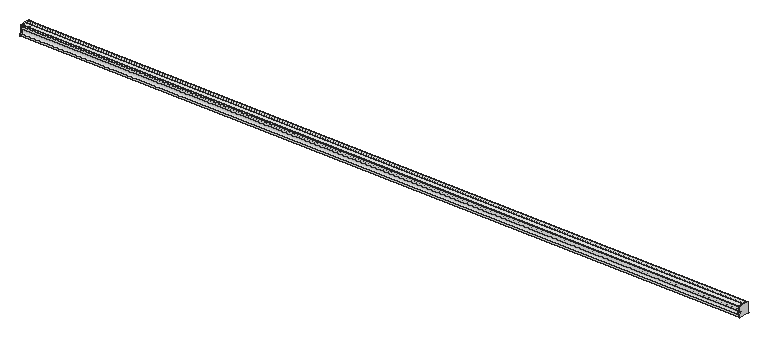
Revit family "S1617 updated", category Lighting Fixtures, host Face, Revit 2020
Family settings
  Host = Face
  Round Connector Dimension = Use Diameter
  Part Type = Normal
  Cut with Voids When Loaded = No
  Light Source = No
  Shared = Yes
  Room Calculation Point = No
Parameters (values of type "419 lm per FT 4.4 W per FT - DFD3")
  Wattage Comments = "4.4W/FT"
  Warranty URL = "https://bllighting.com/terms-and-conditions/"
  W = 0.6700"
  Voltage = 24 V
  Version = "2020-v2.9"  # constant formula
  URL = "https://bllighting.com/"
  Support Phone = ""
  Support Email = ""
  Rdwn [instance] = rounddown(L1 / Increment)  # 24
  Profile Material = Alumnium Base Track
  Product Page URL = "https://bllighting.com/products/profile/s1617"
  Product Name = Model  # "DFD3"
  Product Documentation Link = "https://bllighting.com/wp-content/uploads/S1617-Specification.pdf"
  Power Source Type = "Driver"  # constant formula
  Power Factor = 1
  Phase = 1
  Operating Temperature = "Consult Manufacturer Website for more Information"  # constant formula
  Number of Poles = if(and(or(Voltage = 120 V, Voltage = 277 V), Phase = 1), 1, if(and(or(Voltage = 208 V, Voltage = 240 V), Phase = 1), 2, if(and(or(Voltage = 208 V, Voltage = 240 V), Phase = 3), 3, if(and(Voltage > 300 V, Phase = 1), 2, if(and(Voltage > 400 V, Phase = 3), 3, 1)))))  # 1
  Number of LED's = "146 Diodes/FT"
  No Of Source [instance] = rounddown(Actual Light Length / Increment)  # 24
  Mounting Method = "Surface Mount"  # constant formula
  Model = "DFD3"
  Max Input Current = "4A"
  Manufacturer Phone Number = "1-604-874-4405"  # constant formula
  Manufacturer Email = "info@bllighting.com"
  Manufacturer Address = "111 - 8838 Heatner St. Vancouver. BC, Canada. V6P 3S8"  # constant formula
  Manufacturer = "BL Lighting"  # constant formula
  Lumen Output = "421 lm/FT"
  Load Classification = Lighting
  Light Length [instance] = 48.0000"
  Lens Material = Polycarbonate Optic
  Lead 2 End Cap [instance] = 1 = 1  # yes
  Lead 1 End Cap [instance] = 1 = 1  # yes
  Lamp Life = "50,000 Hours"
  Lamp = ""
  LED strip = Strip
  LED finish = LED
  LED Tape Page URL = "https://bllighting.com/products/led-tape/dfd3"
  LED Tape Documentation link = "https://bllighting.com/wp-content/uploads/DFD3-Specification.pdf"
  L1 [instance] = if(Light Length < Increment, Increment, Light Length)  # 48.0000"
  Input Voltage = "24VDC"
  Initial Intensity Comments = "Refer LED Strip type for Lumen Value"  # constant formula
  Initial Color Comments = "Perfomance based on 3000K Photometric Web File"
  Increment = 1.9685"
  Housing Protection Rating = "Consult Manufacturer Website for more Information"  # constant formula
  Has Dimming = 1 = 1  # yes
  Has Battery Backup = 0 = 1  # no
  Frequency Comments = ""
  Frequency = 60 Hz
  Environment = "Indoor"  # constant formula
  Description = "Flexible, Linear LED Lighting"  # constant formula
  Default Elevation = 48.0000"
  DFRGBW 2 Watt [instance] = (4.57 W * Actual Light Length) / 12.0000"  # 17.9921 W
  DFRGBW 2 Lumens [instance] = 45 lm/W * DFRGBW 2 Watt  # 809.644 lm
  DFRGBW 2 = no
  DFD3 Watt [instance] = (4.4 W * Actual Light Length) / 12.0000"  # 17.3228 W
  DFD3 Lumens [instance] = 101 lm/W * DFD3 Watt  # 1749.6 lm
  DFD3 = yes
  DFD2 Watt [instance] = (2.44 W * Actual Light Length) / 12.0000"  # 9.60628 W
  DFD2 Lumens [instance] = 100 lm/W * DFD2 Watt  # 960.628 lm
  DFD2 = no
  DFD1 Watt [instance] = (1.22 W * Actual Light Length) / 12.0000"  # 4.80314 W
  DFD1 Lumens [instance] = 86 lm/W * DFD1 Watt  # 413.07 lm
  DFD1 = no
  Current Amps = 50 A
  Copyright = "©BL INNOVATIVE LIGHTING"  # constant formula
  Color Option Available = "2400K,2700K,3000K,3500K,4000K"
  built-in parameter 1114216 [instance] = 0  # (empty or 0)
  built-in parameter 1140040 [instance] = 1 = 1  # 1
  CCT = "2400K,2700K,3000K,3500K,4000K"
  Apparent Load = 96 VA
  Actual Light Length [instance] = Rdwn * Increment  # 47.2440"
Reference planes (in)
  plane 1 "Center (Front/Back)": y = 0
  plane 2: z = 0
  plane 3 "Center (Left/Right)": x = 0
  plane 4: x = 47.244
  plane 5: x = 1.9685
  plane 6: x = 23.622
  plane 7: x = 22.6499
  plane 8: x = 24.5941
  plane 9: x = 22.122
  plane 10: x = 25.122
  plane 11: x = 8
  plane 12: x = 11
  plane 13: x = 39.244
  plane 14: x = 36.244
  plane 15: y = 0.34449
  plane 16: y = -0.34449
  plane 17: z = 0.62992
Forms (in)
  Sweep 1, solid, material "Alumnium Base Track" <- "Profile Material"
    path origin (0, -18.35094, 0.25062) x (1, 0, 0) y (0, 1, 0)
      loop
        line (0, 18.35094) -> (47.244, 18.35094)
    profile origin (23.622, 0, 0.25062) x (0, 1, 0) y (0, 0, 1)
      loop
        line (0, -0.25062) -> (0.34449, -0.25062) -> (0.34449, -0.13109)
        arc (0.34449, -0.13109) -> (0.30312, 0.00967) -> (0.34449, 0.15042) r 0.26013
        line (0.34449, 0.15042) -> (0.34449, 0.34727) -> (0.30821, 0.35044) -> (0.30534, 0.31764)
        arc (0.30534, 0.31764) -> (0.27949, 0.31423) -> (0.2535, 0.31227) r 0.46636
        arc (0.2535, 0.31227) -> (0.24386, 0.25624) -> (0.24362, 0.19939) r 0.34275
        arc (0.24362, 0.19939) -> (0.26231, 0.1807) -> (0.24362, 0.162) r 0.01869
        line (0.24362, 0.162) -> (0.24362, 0.12943)
        arc (0.24362, 0.12943) -> (0.26587, 0.10718) -> (0.24362, 0.08494) r 0.02225
        line (0.24362, 0.08494) -> (0.24362, 0.00584)
        arc (0.24362, 0.00584) -> (0.26845, -0.01899) -> (0.24362, -0.04383) r 0.02483
        line (0.24362, -0.04383) -> (0.24362, -0.20381) -> (0, -0.20381) -> (-0.24362, -0.20381) -> (-0.24362, -0.04383)
        arc (-0.24362, -0.04383) -> (-0.26845, -0.01899) -> (-0.24362, 0.00584) r 0.02483
        line (-0.24362, 0.00584) -> (-0.24362, 0.08494)
        arc (-0.24362, 0.08494) -> (-0.26587, 0.10718) -> (-0.24362, 0.12943) r 0.02225
        line (-0.24362, 0.12943) -> (-0.24362, 0.162)
        arc (-0.24362, 0.162) -> (-0.26231, 0.1807) -> (-0.24362, 0.19939) r 0.01869
        arc (-0.24362, 0.19939) -> (-0.24386, 0.25624) -> (-0.2535, 0.31227) r 0.34275
        arc (-0.2535, 0.31227) -> (-0.27949, 0.31423) -> (-0.30534, 0.31764) r 0.46636
        line (-0.30534, 0.31764) -> (-0.30821, 0.35044) -> (-0.34449, 0.34727) -> (-0.34449, 0.15042)
        arc (-0.34449, 0.15042) -> (-0.30312, 0.00967) -> (-0.34449, -0.13109) r 0.26013
        line (-0.34449, -0.13109) -> (-0.34449, -0.25062) -> (0, -0.25062)
  Sweep 2, solid, material "Polycarbonate Optic" <- "Lens Material"
    path origin (0, -18.35094, 0.64963) x (1, 0, 0) y (0, 1, 0)
      loop
        line (0, 18.35094) -> (47.244, 18.35094)
    profile origin (23.622, 0, 0.64963) x (0, 1, 0) y (0, 0, 1)
      loop
        arc (0, -0.07313) -> (0.09152, -0.07676) -> (0.18293, -0.08263) r 3.73419
        arc (0.18293, -0.08263) -> (0.19744, -0.09079) -> (0.20054, -0.10715) r 0.01972
        arc (0.20054, -0.10715) -> (0.1927, -0.17685) -> (0.20396, -0.24609) r 0.25763
        arc (0.20396, -0.24609) -> (0.2258, -0.25033) -> (0.24362, -0.23701) r 0.02748
        arc (0.24362, -0.23701) -> (0.26231, -0.21832) -> (0.24362, -0.19963) r 0.01869
        arc (0.24362, -0.19963) -> (0.24386, -0.14278) -> (0.2535, -0.08675) r 0.34275
        line (0.2535, -0.08675) -> (0.29911, -0.0823)
        arc (0.29911, -0.0823) -> (0.30355, -0.06204) -> (0.29587, -0.04277) r 0.0354
        arc (0.29587, -0.04277) -> (0.1484, -0.02533) -> (0, -0.01971) r 1.86171
        arc (0, -0.01971) -> (-0.1484, -0.02533) -> (-0.29587, -0.04277) r 1.86171
        arc (-0.29587, -0.04277) -> (-0.30355, -0.06204) -> (-0.29911, -0.0823) r 0.0354
        line (-0.29911, -0.0823) -> (-0.2535, -0.08675)
        arc (-0.2535, -0.08675) -> (-0.24386, -0.14278) -> (-0.24362, -0.19963) r 0.34275
        arc (-0.24362, -0.19963) -> (-0.26231, -0.21832) -> (-0.24362, -0.23701) r 0.01869
        arc (-0.24362, -0.23701) -> (-0.2258, -0.25033) -> (-0.20396, -0.24609) r 0.02748
        arc (-0.20396, -0.24609) -> (-0.1927, -0.17685) -> (-0.20054, -0.10715) r 0.25763
        arc (-0.20054, -0.10715) -> (-0.19744, -0.09079) -> (-0.18293, -0.08263) r 0.01972
        arc (-0.18293, -0.08263) -> (-0.09152, -0.07676) -> (0, -0.07313) r 3.73419
Dimensions and locks (in)
  "Actual Light Length": plane 3 "Center (Left/Right)" to plane 4
  "Increment": plane 3 "Center (Left/Right)" to plane 5
  equal spacing: plane 3 "Center (Left/Right)", plane 6, plane 4
  equal spacing: plane 7, plane 6, plane 8
  locked: plane 9 to plane 6 at 1.5
  locked: plane 6 to plane 10 at 1.5
  locked: plane 11 to plane 3 "Center (Left/Right)" at 8
  plane 12 to plane 11 = 3.0000"
  locked: plane 4 to plane 13 at 8
  locked: plane 14 to plane 13 at 3
  locked: plane 17 to plane 2 at 0.62992
  locked: plane 15 to plane 16 at 0.68898
  aligned and locked: host face to plane 2
  aligned and locked: host face to level
  aligned and locked: plane 3 "Center (Left/Right)" to Sweep 1 sketch curve
  aligned and locked: plane 4 to Sweep 1 sketch curve
  aligned and locked: plane 4 to Sweep 2 sketch curve
  aligned and locked: plane 3 "Center (Left/Right)" to Sweep 2 sketch curve
  aligned and locked: plane 1 "Center (Front/Back)" to nested 1
  aligned and locked: nested 1 to host face
  aligned and locked: plane 3 "Center (Left/Right)" to nested 1
  aligned and locked: plane 4 to nested 2
  aligned and locked: plane 2 to nested 2
  aligned and locked: plane 3 "Center (Left/Right)" to nested 3
  aligned and locked: nested 3 to plane 1 "Center (Front/Back)"
  aligned and locked: nested 3 to Sweep 1
  aligned and locked: plane 3 "Center (Left/Right)" to nested 4
  aligned and locked: nested 4 to plane 1 "Center (Front/Back)"
  aligned and locked: nested 4 to Sweep 1
  aligned and locked: nested 5 to plane 3 "Center (Left/Right)"
  aligned and locked: nested 5 to plane 1 "Center (Front/Back)"
  aligned and locked: nested 5 to Sweep 1
  aligned and locked: plane 3 "Center (Left/Right)" to nested 7
  aligned and locked: nested 7 to plane 1 "Center (Front/Back)"
  aligned and locked: nested 7 to Sweep 1
  aligned and locked: plane 1 "Center (Front/Back)" to nested 8
  aligned and locked: plane 1 "Center (Front/Back)" to nested 9
Automatic sketch dimensions
  host sketch curve to host sketch curve = 138.68247"
  host sketch curve to host sketch curve = 96.0000"
  plane 1 "Center (Front/Back)" to Sweep 1 sketch curve = 0.0000"
  plane 1 "Center (Front/Back)" to Sweep 2 sketch curve = 0.0000"
  Sweep 1 sketch curve to profile plane = 0.0000"  (x2)
  profile plane to Sweep 1 sketch curve = 0.23144"
  profile plane to Sweep 1 sketch curve = 0.08494"
  profile plane to Sweep 1 sketch curve = 0.24362"
  Sweep 1 sketch curve to Sweep 1 sketch curve = 0.06172"  (x2)
  Sweep 1 sketch curve to Sweep 1 sketch curve = 0.00287"  (x2)
  Sweep 1 sketch curve to Sweep 1 sketch curve = 0.03628"  (x2)
  Sweep 1 sketch curve to Sweep 1 sketch curve = 0.10087"  (x2)
  profile plane to Sweep 1 sketch curve = 0.00967"  (x2)
  Sweep 1 sketch curve to Sweep 1 sketch curve = 0.21876"  (x2)
  Sweep 1 sketch curve to Sweep 1 sketch curve = 0.02206"  (x2)
  Sweep 1 sketch curve to profile plane = 0.23144"
  Sweep 1 sketch curve to profile plane = 0.24362"
  profile plane to Sweep 1 sketch curve = 0.00584"  (x2)
  Sweep 1 sketch curve to profile plane = 0.01899"  (x2)
  Sweep 1 sketch curve to profile plane = 0.13109"  (x2)
  Sweep 1 sketch curve to Sweep 1 sketch curve = 0.07272"
  Sweep 1 sketch curve to Sweep 1 sketch curve = 0.04681"
  Sweep 1 sketch curve to Sweep 1 sketch curve = 0.0791"
  Sweep 1 sketch curve to Sweep 1 sketch curve = 0.02225"  (x2)
  Sweep 1 sketch curve to Sweep 1 sketch curve = 0.03258"  (x2)
  Sweep 1 sketch curve to Sweep 1 sketch curve = 0.01869"  (x2)
  Sweep 1 sketch curve to Sweep 1 sketch curve = 0.2167"  (x2)
  Sweep 1 sketch curve to Sweep 1 sketch curve = 0.11825"  (x2)
  Sweep 1 sketch curve to Sweep 1 sketch curve = 0.02963"  (x2)
  Sweep 1 sketch curve to Sweep 1 sketch curve = 0.42766"  (x2)
  Sweep 2 sketch curve to profile plane = 0.0000"  (x2)
  profile plane to Sweep 2 sketch curve = 0.00375"
  profile plane to Sweep 2 sketch curve = 0.10227"
  profile plane to Sweep 2 sketch curve = 0.18143"
  Sweep 2 sketch curve to Sweep 2 sketch curve = 0.03824"  (x2)
  Sweep 2 sketch curve to Sweep 2 sketch curve = 0.02395"  (x2)
  Sweep 2 sketch curve to profile plane = 0.08675"  (x2)
  Sweep 2 sketch curve to Sweep 2 sketch curve = 0.07207"  (x2)
  Sweep 2 sketch curve to Sweep 2 sketch curve = 0.01477"  (x2)
  Sweep 2 sketch curve to profile plane = 0.0823"  (x2)
  Sweep 2 sketch curve to Sweep 2 sketch curve = 0.03084"  (x2)
  Sweep 2 sketch curve to Sweep 2 sketch curve = 0.15115"  (x2)
  Sweep 2 sketch curve to Sweep 2 sketch curve = 0.13505"  (x2)
  Sweep 2 sketch curve to profile plane = 0.00375"
  Sweep 2 sketch curve to profile plane = 0.10227"
  Sweep 2 sketch curve to profile plane = 0.18143"
  Sweep 2 sketch curve to Sweep 2 sketch curve = 0.01555"  (x2)
  Sweep 2 sketch curve to profile plane = 0.17053"  (x2)
  Sweep 2 sketch curve to Sweep 2 sketch curve = 0.00212"  (x2)
  Sweep 2 sketch curve to Sweep 2 sketch curve = 0.01869"  (x2)
  Sweep 2 sketch curve to Sweep 2 sketch curve = 0.00522"  (x2)
  Sweep 2 sketch curve to Sweep 2 sketch curve = 1.6444"
  Sweep 2 sketch curve to Sweep 2 sketch curve = 0.0000"  (x6)
  Sweep 2 sketch curve to Sweep 2 sketch curve = 1.9245"
  Sweep 2 sketch curve to Sweep 2 sketch curve = 0.02182"  (x2)
  Sweep 2 sketch curve to Sweep 2 sketch curve = 0.00151"
  Sweep 2 sketch curve to Sweep 2 sketch curve = 0.02761"
Nested families (in)
  nested 1: "LEFT END CAP" at (-0.06299, 0, 0), Profile Material <- "Profile Material", visible <- "Lead 1 End Cap", type "LEFT END CAP"
    with Profile Material Alumnium Base Track
  nested 2: "LEFT END CAP" at (47.30699, 0, 0) x (-1, 0, 0) z (0, 0, 1), Profile Material <- "Profile Material", visible <- "Lead 2 End Cap", type "LEFT END CAP"
    with Profile Material Alumnium Base Track
  nested 3: "DFD1_2700K" at (0, -18.35094, 0.04681), visible <- "DFD1", Light Length <- "Light Length", type "DFD1_2700K"
    with Watt 4.80314 W, Rdwn 24, No of Source 24, Lumens 413.07 lm, Light source Placement 23.6220", Light Length 48.0000", L1 48.0000", DFD1_1 no, DFD1 yes, Cutting Increment 1.9685", Actual No Of Source 24, Actual Light Length 47.2440"
  nested 4: "DFD2_3000K" at (0, -18.35094, 0.04681), Light Length <- "Light Length", Cutting Increment <- "Increment", type "DFD2_3000K"
    with Watt 9.60628 W, Rdwn 24, No of Source 24, Lumens 960.628 lm, Light source Placement 23.6220", Light Length 48.0000", L1 48.0000", DFD2_1 no, DFD2 yes, Cutting Increment 1.9685", Actual No Of Source 24, Actual Light Length 47.2440"
  nested 5: "DFD3_3500K" at (0, -18.35094, 0.04681), visible <- "DFD3", Light Length <- "Light Length", Cutting Increment <- "Increment", type "DFD3"
    with Watt 17.3228 W, Rdwn 24, No of Source 24, Lumens 1697.63 lm, Light source Placement 23.6220", Light Length 48.0000", L1 48.0000", Cutting Increment 1.9685", BL flexFORM Dot-Free D3_1 no, BL flexFORM Dot-Free D3 yes, Actual No Of Source 24, Actual Light Length 47.2440"
  nested 6: "DFRGBW 2 3000K LED Tape" at (2.55906, 0, 0.03949), Length <- "Actual Light Length", No of Source <- "No Of Source", Source Size <- "Increment", visible <- "DFRGBW 2", type "DFRGBW 2 3000K LED Tape"
    with Source Size 1.9685", No of Source 24, Length 47.2440", DFD3_1 no, DFD3 yes, Actual No Of Source 24
  nested 7: "DFRWBW 2" at (0, -18.35094, 0.04681), Light Length <- "Light Length", Cutting Increment <- "Increment", visible <- "DFRGBW 2", type "DFRWBW 2"
    with Watt 17.4852 W, Rdwn 14, No of Source 14, Lumens 786.834 lm, Light source Placement 22.9565", Light Length 48.0000", L1 48.0000", DFRGBW 2_1 no, DFRGBW 2 yes, Cutting Increment 1.9685", Actual No Of Source 14, Actual Light Length 45.9130"
  nested 8: "Dot Free D2 3000K LED Tape" at (1.20748, 0, 0.0374), Length <- "Actual Light Length", No of Source <- "No Of Source", Source Size <- "Increment", visible <- "DFD2", type "Dot Free D2 3000K LED Tape"
    with Source Size 1.9685", No of Source 24, Length 47.2440", DFD2_1 no, DFD2 yes, Actual No Of Source 24
  nested 9: "Dot Free D3 3500K LED Tape" at (1.72172, 0, 0.05069), Length <- "Actual Light Length", No of Source <- "No Of Source", Source Size <- "Increment", visible <- "DFD3", type "Dot Free D3 3000K LED Tape"
    with Source Size 1.9685", No of Source 24, Length 47.2440", DFD3_1 no, DFD3 yes, Actual No Of Source 24
  nested 10: "DFD1 2700K LED Tape" at (0.74362, 0, 0.62992), visible <- "DFD1", Length <- "Actual Light Length", No of Source <- "No Of Source", Source Size <- "Increment", type "DFD1 2700 K"
    with Source Size 1.9685", No of Source 24, Length 47.2440", DFD2_1 no, DFD2 yes, Actual No Of Source 24
Connectors (in)
  electrical at (0, 0, 0), driven by "Load Classification", driven by "Voltage", driven by "Apparent Load", driven by "Power Factor"
    settings: on Sweep 1, index 1, voltage 24 V, apparent load 96 VA, apparent load phase1 0 VA, apparent load phase2 0 VA, apparent load phase3 0 VA, power factor 1, load classification "Lighting", number of poles 1, system type 30, power factor state 1, is connector primary yes, connector utility no, sub classification motor no, connector description ""
Definition of nested family "LEFT END CAP"
  Parameters (values of type "LEFT END CAP")
    Profile Material [instance] = none
    Default Elevation = 0.0000"
  Reference planes (in)
    plane 1 "Center (Front/Back)": y = 0
    plane 2: z = 0
    plane 3 "Center (Left/Right)": x = 0
    plane 4: x = 0.06299
    plane 5: y = -0.34449
    plane 6: y = 0.34449
    plane 7: z = 0.62992
  Forms (in)
    Extrusion 1, solid, material <- "Profile Material"
      sketch origin (0, 0, 0) x (0, 1, 0) y (0, 0, 1)
        loop
          arc (0.34449, 0.59766) -> (0.17316, 0.62357) -> (0, 0.62992) r 1.52834
          arc (0, 0.62992) -> (-0.17316, 0.62357) -> (-0.34449, 0.59766) r 1.52834
          line (-0.34449, 0.59766) -> (-0.34449, 0.40081)
          arc (-0.34449, 0.40081) -> (-0.30551, 0.26118) -> (-0.34449, 0.12154) r 0.2696
          line (-0.34449, 0.12154) -> (-0.34449, 0) -> (0, 0) -> (0.34449, 0) -> (0.34449, 0.12154)
          arc (0.34449, 0.12154) -> (0.30551, 0.26118) -> (0.34449, 0.40081) r 0.2696
          line (0.34449, 0.40081) -> (0.34449, 0.59766)
        loop
          line (0, 0.09774) -> (0.0388, 0.09774)
          arc (0.0388, 0.09774) -> (0.05875, 0.11768) -> (0.0388, 0.13762) r 0.01994
          line (0.0388, 0.13762) -> (0, 0.13762) -> (-0.0388, 0.13762)
          arc (-0.0388, 0.13762) -> (-0.05875, 0.11768) -> (-0.0388, 0.09774) r 0.01994
          line (-0.0388, 0.09774) -> (0, 0.09774)
      from 0 to 0.06299
  Dimensions and locks (in)
    locked: plane 6 to plane 5 at 0.68898
    locked: plane 7 to plane 2 at 0.62992
    aligned and locked: plane 2 to level
    aligned and locked: plane 4 to Extrusion 1
Definition of nested family "DFD1_2700K"
  Parameters (values of type "DFD1_2700K")
    Wattage Comments = "1.22 W/FT"
    Watt [instance] = (1.22 W * Actual Light Length) / 12.0000"  # 2.40157 W
    Warranty URL = "https://bllighting.com/terms-and-conditions/"
    Voltage Comments = ""
    Version = "2020-v2.9"  # constant formula
    URL = "https://bllighting.com/"
    Support Email = ""
    Strip = none
    Rdwn [instance] = rounddown(L1 / Cutting Increment)  # 12
    Product Page URL = ""
    Product Name = "BL flexFORM Dot-Free D1"  # constant formula
    Product Documentation Link = ""
    No of Source [instance] = rounddown(Actual Light Length / Cutting Increment)  # 12
    Model = ""
    Manufacturer Phone Number = "1-604-874-4405"  # constant formula
    Manufacturer Email = "info@bllighting.com"
    Manufacturer Address = "111 - 8838 Heatner St. Vancouver. BC, Canada. V6P 3S8"  # constant formula
    Manufacturer = "BL Lighting"  # constant formula
    Lumens [instance] = 86 lm/W * Watt  # 206.535 lm
    Lumen Output = "105 lm/FT"
    Light source Placement [instance] = Actual Light Length / 2  # 11.8110"
    Light Length [instance] = 24.0000"
    Lens Material = none
    Lamp Life = "50,000 Hours"
    Lamp = ""
    LED = none
    L1 [instance] = if(Light Length < Cutting Increment, Cutting Increment, Light Length)  # 24.0000"
    Initial Color Option Available = ""
    Finish = none
    Description = "Flexible,Linear LED Strip Lighting"  # constant formula
    Default Elevation = 0.0000"
    DFD1_1 [instance] = not(DFD1)  # no
    DFD1 [instance] = if(No of Source < 2, 1 = 0, 1 = 1)  # yes
    D = 0.07812"
    Cutting Increment [instance] = 1.9685"  # constant formula
    Copyright = "©BL INNOVATIVE LIGHTING"  # constant formula
    Actual No Of Source [instance] = if(No of Source < 2, 2, No of Source)  # 12
    Actual Light Length [instance] = Rdwn * Cutting Increment  # 23.6220"
    A = 0.3900"
  Reference planes (in)
    plane 1 "Center (Front/Back)": y = 0
    plane 2: z = 0
    plane 3 "Center (Left/Right)": x = 0
    plane 4: x = 23.622
    plane 5: y = 18.35094
    plane 6: x = 11.811
    plane 7: z = -0.33465
    plane 8: y = 18.54594
    plane 9: y = 18.15594
    plane 10: x = 1.9685
    plane 11: z = 0.07813
  Dimensions and locks (in)
    "Actual Light Length": plane 4 to plane 3 "Center (Left/Right)"
    "Actual Light Length": plane 3 "Center (Left/Right)" to plane 4
    plane 6 to plane 4 = 11.8110"
    "Light source Placement": plane 6 to plane 4
    locked: plane 1 "Center (Front/Back)" to plane 5 at 18.35094
    locked: level to plane 7 at 0.33465
    "A": plane 8 to plane 9
    equal spacing: plane 8, plane 5, plane 9
    "Cutting Increment": plane 3 "Center (Left/Right)" to plane 10
    locked: plane 10 to plane 3 "Center (Left/Right)" at 1.97
    "D": plane 11 to plane 2
    equal spacing: group 1, group 2, group 3, group 4, group 5, group 6, group 7, group 8, group 9, group 10, group 11, group 12  (x3)
    aligned and locked: level to plane 2
    aligned and locked: plane 3 "Center (Left/Right)" to nested 1
    aligned and locked: nested 1 to plane 2
    aligned and locked: nested 1 to plane 5
    aligned and locked: nested 2 to plane 5
    aligned and locked: plane 3 "Center (Left/Right)" to nested 2
    aligned and locked: nested 2 to plane 2
    aligned and locked: plane 10 to nested 3
    aligned and locked: nested 3 to plane 5
  Nested families (in)
    nested 1: "Increment strip 5" at (0, 18.35094, 0), LED <- "LED", Strip <- "Strip", Height <- "D", Increment <- "Cutting Increment", Width <- "A", Strip Name <- "DFD1_1", visible <- "DFD1_1", type "Increment strip 5"
      with Width 0.3900", Strip Name no, Strip none, LED none, Increment 1.9685", Height 0.07812"
    nested 2: "Increment strip 5" at (0, 18.35094, 0), visible <- "DFD1", LED <- "LED", Strip <- "Strip", Height <- "D", Increment <- "Cutting Increment", Width <- "A", Strip Name <- "DFD1", type "Increment strip 5"
      with Width 0.3900", Strip Name yes, Strip none, LED none, Increment 1.9685", Height 0.07812"
    nested 3: "Increment strip 5" at (1.9685, 18.35094, 0), visible <- "DFD1", LED <- "LED", Strip <- "Strip", Height <- "D", Increment <- "Cutting Increment", Width <- "A", Strip Name <- "DFD1", type "Increment strip 5"
      with Width 0.3900", Strip Name yes, Strip none, LED none, Increment 1.9685", Height 0.07812"
    nested 4: "Increment strip 5" at (3.937, 18.35094, 0), visible <- "DFD1", LED <- "LED", Strip <- "Strip", Height <- "D", Increment <- "Cutting Increment", Width <- "A", Strip Name <- "DFD1", type "Increment strip 5"
      with Width 0.3900", Strip Name yes, Strip none, LED none, Increment 1.9685", Height 0.07812"
    nested 5: "Increment strip 5" at (5.9055, 18.35094, 0), visible <- "DFD1", LED <- "LED", Strip <- "Strip", Height <- "D", Increment <- "Cutting Increment", Width <- "A", Strip Name <- "DFD1", type "Increment strip 5"
      with Width 0.3900", Strip Name yes, Strip none, LED none, Increment 1.9685", Height 0.07812"
    nested 6: "Increment strip 5" at (7.874, 18.35094, 0), visible <- "DFD1", LED <- "LED", Strip <- "Strip", Height <- "D", Increment <- "Cutting Increment", Width <- "A", Strip Name <- "DFD1", type "Increment strip 5"
      with Width 0.3900", Strip Name yes, Strip none, LED none, Increment 1.9685", Height 0.07812"
    nested 7: "Increment strip 5" at (9.8425, 18.35094, 0), visible <- "DFD1", LED <- "LED", Strip <- "Strip", Height <- "D", Increment <- "Cutting Increment", Width <- "A", Strip Name <- "DFD1", type "Increment strip 5"
      with Width 0.3900", Strip Name yes, Strip none, LED none, Increment 1.9685", Height 0.07812"
    nested 8: "Increment strip 5" at (11.811, 18.35094, 0), visible <- "DFD1", LED <- "LED", Strip <- "Strip", Height <- "D", Increment <- "Cutting Increment", Width <- "A", Strip Name <- "DFD1", type "Increment strip 5"
      with Width 0.3900", Strip Name yes, Strip none, LED none, Increment 1.9685", Height 0.07812"
    nested 9: "Increment strip 5" at (13.7795, 18.35094, 0), visible <- "DFD1", LED <- "LED", Strip <- "Strip", Height <- "D", Increment <- "Cutting Increment", Width <- "A", Strip Name <- "DFD1", type "Increment strip 5"
      with Width 0.3900", Strip Name yes, Strip none, LED none, Increment 1.9685", Height 0.07812"
    nested 10: "Increment strip 5" at (15.748, 18.35094, 0), visible <- "DFD1", LED <- "LED", Strip <- "Strip", Height <- "D", Increment <- "Cutting Increment", Width <- "A", Strip Name <- "DFD1", type "Increment strip 5"
      with Width 0.3900", Strip Name yes, Strip none, LED none, Increment 1.9685", Height 0.07812"
    nested 11: "Increment strip 5" at (17.7165, 18.35094, 0), visible <- "DFD1", LED <- "LED", Strip <- "Strip", Height <- "D", Increment <- "Cutting Increment", Width <- "A", Strip Name <- "DFD1", type "Increment strip 5"
      with Width 0.3900", Strip Name yes, Strip none, LED none, Increment 1.9685", Height 0.07812"
    nested 12: "Increment strip 5" at (19.685, 18.35094, 0), visible <- "DFD1", LED <- "LED", Strip <- "Strip", Height <- "D", Increment <- "Cutting Increment", Width <- "A", Strip Name <- "DFD1", type "Increment strip 5"
      with Width 0.3900", Strip Name yes, Strip none, LED none, Increment 1.9685", Height 0.07812"
    nested 13: "Increment strip 5" at (21.6535, 18.35094, 0), visible <- "DFD1", LED <- "LED", Strip <- "Strip", Height <- "D", Increment <- "Cutting Increment", Width <- "A", Strip Name <- "DFD1", type "Increment strip 5"
      with Width 0.3900", Strip Name yes, Strip none, LED none, Increment 1.9685", Height 0.07812"
  Definition of nested family "Increment strip 5"
    Parameters (values of type "Increment strip 5")
      Width [instance] = 0.39062"
      Strip Name [instance] = yes
      Strip [instance] = none
      LED [instance] = none
      Increment [instance] = 1.96875"
      Height [instance] = 0.07812"
      Default Elevation = 0.0000"
    Reference planes (in)
      plane 1 "Center (Front/Back)": y = 0
      plane 2: z = 0
      plane 3 "Center (Left/Right)": x = 0
      plane 4: x = 1.96875
      plane 5: y = -0.19531
      plane 6: y = 0.19531
      plane 7: x = 0.15625
      plane 8: x = 1.78125
      plane 9: z = 0.07812
    Forms (in)
      Sweep 1, solid, material <- "Strip", visible <- "Strip Name"
        path origin (0, 0, 0) x (1, 0, 0) y (0, 1, 0)
          loop
            line (1.96875, 0) -> (0, 0)
        profile origin (0.98438, 0, 0) x (0, -1, 0) y (0, 0, 1)
          loop
            line (-0.19531, 0.03937) -> (-0.19531, 0) -> (0.19531, 0) -> (0.19531, 0.03937) -> (-0.19531, 0.03937)
      Extrusion 2, solid, material <- "LED", visible <- "Strip Name"
        sketch origin (0, 0, 0.247) x (1, 0, 0) y (0, 1, 0)
          loop
            line (0, 0.11457) -> (0, -0.11457) -> (1.96875, -0.11457) -> (1.96875, 0.11457) -> (0, 0.11457)
        from -0.20763 to -0.16887
    Dimensions and locks (in)
      "Increment": plane 3 "Center (Left/Right)" to plane 4
      equal spacing: plane 5, plane 1 "Center (Front/Back)", plane 6
      "Width": plane 5 to plane 6
      equal spacing: Extrusion 2, plane 1 "Center (Front/Back)", Extrusion 2
      "Height": plane 9 to plane 2
      aligned and locked: plane 2 to level
      aligned and locked: Sweep 1 sketch curve to plane 1 "Center (Front/Back)"
      aligned and locked: plane 3 "Center (Left/Right)" to Sweep 1 sketch curve
      aligned and locked: plane 4 to Sweep 1 sketch curve
      aligned and locked: plane 6 to Sweep 1 sketch curve
      aligned and locked: Sweep 1 sketch curve to plane 5
      aligned and locked: Extrusion 2 to Sweep 1
      aligned and locked: Extrusion 2 to plane 9
    Automatic sketch dimensions
      level to Sweep 1 sketch curve = 0.03937"
      Sweep 1 sketch curve to level = 0.0000"
      Extrusion 2 sketch curve to plane 3 "Center (Left/Right)" = 0.0000"
      Extrusion 2 sketch curve to plane 4 = 0.0000"
      plane 1 "Center (Front/Back)" to Extrusion 2 sketch curve = 0.11457"
      Extrusion 2 sketch curve to plane 1 "Center (Front/Back)" = 0.11457"
Definition of nested family "DFD2_3000K"
  Parameters (values of type "DFD2_3000K")
    Wattage Comments = "2.44 W/FT"
    Watt [instance] = (2.44 W * Actual Light Length) / 12.0000"  # 4.80314 W
    Warranty URL = ""
    Voltage Comments = ""
    Version = "2020-v2.9"  # constant formula
    URL = ""
    Support Email = ""
    Strip = none
    Rdwn [instance] = rounddown(L1 / Cutting Increment)  # 12
    Product Page URL = ""
    Product Name = "BL flexFORM Dot-Free D2"  # constant formula
    Product Documentation Link = ""
    No of Source [instance] = rounddown(Actual Light Length / Cutting Increment)  # 12
    Model = ""
    Manufacturer Phone Number = "1-604-874-4405"  # constant formula
    Manufacturer Email = ""
    Manufacturer Address = "111 - 8838 Heatner St. Vancouver. BC, Canada. V6P 3S8"  # constant formula
    Manufacturer = "BL Lighting"  # constant formula
    Lumens [instance] = 100 lm/W * Watt  # 480.314 lm
    Lumen Output = "258 lm/FT"
    Light source Placement [instance] = Actual Light Length / 2  # 11.8110"
    Light Length [instance] = 24.0000"
    Lens Material = none
    Lamp Life = "50,000 Hours"
    Lamp = ""
    LED = none
    L1 [instance] = if(Light Length < Cutting Increment, Cutting Increment, Light Length)  # 24.0000"
    Initial Color Option Available = ""
    Finish = none
    Description = "Flexible,Linear LED Strip Lighting"  # constant formula
    Default Elevation = 0.0000"
    DFD2_1 [instance] = not(DFD2)  # no
    DFD2 [instance] = if(No of Source < 2, 1 = 0, 1 = 1)  # yes
    D = 0.07812"
    Cutting Increment [instance] = 1.9685"  # constant formula
    Copyright = "©BL INNOVATIVE LIGHTING"  # constant formula
    Actual No Of Source [instance] = if(No of Source < 2, 2, No of Source)  # 12
    Actual Light Length [instance] = Rdwn * Cutting Increment  # 23.6220"
    A = 0.3900"
  Reference planes (in)
    plane 1 "Center (Front/Back)": y = 0
    plane 2: z = 0
    plane 3 "Center (Left/Right)": x = 0
    plane 4: x = 23.622
    plane 5: y = 18.35094
    plane 6: x = 11.811
    plane 7: z = -0.33465
    plane 8: y = 18.54594
    plane 9: y = 18.15594
    plane 10: x = 1.9685
    plane 11: z = 0.07813
  Dimensions and locks (in)
    "Actual Light Length": plane 4 to plane 3 "Center (Left/Right)"
    "Actual Light Length": plane 3 "Center (Left/Right)" to plane 4
    plane 6 to plane 4 = 11.8110"
    "Light source Placement": plane 6 to plane 4
    locked: plane 1 "Center (Front/Back)" to plane 5 at 18.35094
    locked: level to plane 7 at 0.33465
    "A": plane 8 to plane 9
    equal spacing: plane 8, plane 5, plane 9
    "Cutting Increment": plane 3 "Center (Left/Right)" to plane 10
    locked: plane 10 to plane 3 "Center (Left/Right)" at 1.97
    "D": plane 11 to plane 2
    equal spacing: group 1, group 2, group 3, group 4, group 5, group 6, group 7, group 8, group 9, group 10, group 11, group 12  (x3)
    aligned and locked: level to plane 2
    aligned and locked: plane 3 "Center (Left/Right)" to nested 1
    aligned and locked: nested 1 to plane 2
    aligned and locked: nested 1 to plane 5
    aligned and locked: nested 2 to plane 5
    aligned and locked: plane 3 "Center (Left/Right)" to nested 2
    aligned and locked: nested 2 to plane 2
    aligned and locked: plane 10 to nested 3
    aligned and locked: nested 3 to plane 5
  Nested families (in)
    nested 1: "Increment strip 5" at (0, 18.35094, 0), LED <- "LED", Strip <- "Strip", Height <- "D", Increment <- "Cutting Increment", Width <- "A", Strip Name <- "DFD2_1", visible <- "DFD2_1", type "Increment strip 5"
      with Width 0.3900", Strip Name no, Strip none, LED none, Increment 1.9685", Height 0.07812"
    nested 2: "Increment strip 5" at (0, 18.35094, 0), visible <- "DFD2", LED <- "LED", Strip <- "Strip", Height <- "D", Increment <- "Cutting Increment", Width <- "A", Strip Name <- "DFD2", type "Increment strip 5"
      with Width 0.3900", Strip Name yes, Strip none, LED none, Increment 1.9685", Height 0.07812"
    nested 3: "Increment strip 5" at (1.9685, 18.35094, 0), visible <- "DFD2", LED <- "LED", Strip <- "Strip", Height <- "D", Increment <- "Cutting Increment", Width <- "A", Strip Name <- "DFD2", type "Increment strip 5"
      with Width 0.3900", Strip Name yes, Strip none, LED none, Increment 1.9685", Height 0.07812"
    nested 4: "Increment strip 5" at (3.937, 18.35094, 0), visible <- "DFD2", LED <- "LED", Strip <- "Strip", Height <- "D", Increment <- "Cutting Increment", Width <- "A", Strip Name <- "DFD2", type "Increment strip 5"
      with Width 0.3900", Strip Name yes, Strip none, LED none, Increment 1.9685", Height 0.07812"
    nested 5: "Increment strip 5" at (5.9055, 18.35094, 0), visible <- "DFD2", LED <- "LED", Strip <- "Strip", Height <- "D", Increment <- "Cutting Increment", Width <- "A", Strip Name <- "DFD2", type "Increment strip 5"
      with Width 0.3900", Strip Name yes, Strip none, LED none, Increment 1.9685", Height 0.07812"
    nested 6: "Increment strip 5" at (7.874, 18.35094, 0), visible <- "DFD2", LED <- "LED", Strip <- "Strip", Height <- "D", Increment <- "Cutting Increment", Width <- "A", Strip Name <- "DFD2", type "Increment strip 5"
      with Width 0.3900", Strip Name yes, Strip none, LED none, Increment 1.9685", Height 0.07812"
    nested 7: "Increment strip 5" at (9.8425, 18.35094, 0), visible <- "DFD2", LED <- "LED", Strip <- "Strip", Height <- "D", Increment <- "Cutting Increment", Width <- "A", Strip Name <- "DFD2", type "Increment strip 5"
      with Width 0.3900", Strip Name yes, Strip none, LED none, Increment 1.9685", Height 0.07812"
    nested 8: "Increment strip 5" at (11.811, 18.35094, 0), visible <- "DFD2", LED <- "LED", Strip <- "Strip", Height <- "D", Increment <- "Cutting Increment", Width <- "A", Strip Name <- "DFD2", type "Increment strip 5"
      with Width 0.3900", Strip Name yes, Strip none, LED none, Increment 1.9685", Height 0.07812"
    nested 9: "Increment strip 5" at (13.7795, 18.35094, 0), visible <- "DFD2", LED <- "LED", Strip <- "Strip", Height <- "D", Increment <- "Cutting Increment", Width <- "A", Strip Name <- "DFD2", type "Increment strip 5"
      with Width 0.3900", Strip Name yes, Strip none, LED none, Increment 1.9685", Height 0.07812"
    nested 10: "Increment strip 5" at (15.748, 18.35094, 0), visible <- "DFD2", LED <- "LED", Strip <- "Strip", Height <- "D", Increment <- "Cutting Increment", Width <- "A", Strip Name <- "DFD2", type "Increment strip 5"
      with Width 0.3900", Strip Name yes, Strip none, LED none, Increment 1.9685", Height 0.07812"
    nested 11: "Increment strip 5" at (17.7165, 18.35094, 0), visible <- "DFD2", LED <- "LED", Strip <- "Strip", Height <- "D", Increment <- "Cutting Increment", Width <- "A", Strip Name <- "DFD2", type "Increment strip 5"
      with Width 0.3900", Strip Name yes, Strip none, LED none, Increment 1.9685", Height 0.07812"
    nested 12: "Increment strip 5" at (19.685, 18.35094, 0), visible <- "DFD2", LED <- "LED", Strip <- "Strip", Height <- "D", Increment <- "Cutting Increment", Width <- "A", Strip Name <- "DFD2", type "Increment strip 5"
      with Width 0.3900", Strip Name yes, Strip none, LED none, Increment 1.9685", Height 0.07812"
    nested 13: "Increment strip 5" at (21.6535, 18.35094, 0), visible <- "DFD2", LED <- "LED", Strip <- "Strip", Height <- "D", Increment <- "Cutting Increment", Width <- "A", Strip Name <- "DFD2", type "Increment strip 5"
      with Width 0.3900", Strip Name yes, Strip none, LED none, Increment 1.9685", Height 0.07812"
  Definition of nested family "Increment strip 5"
    Parameters (values of type "Increment strip 5")
      Width [instance] = 0.39062"
      Strip Name [instance] = yes
      Strip [instance] = none
      LED [instance] = none
      Increment [instance] = 1.96875"
      Height [instance] = 0.07812"
      Default Elevation = 0.0000"
    Reference planes (in)
      plane 1 "Center (Front/Back)": y = 0
      plane 2: z = 0
      plane 3 "Center (Left/Right)": x = 0
      plane 4: x = 1.96875
      plane 5: y = -0.19531
      plane 6: y = 0.19531
      plane 7: x = 0.15625
      plane 8: x = 1.78125
      plane 9: z = 0.07812
    Forms (in)
      Sweep 1, solid, material <- "Strip", visible <- "Strip Name"
        path origin (0, 0, 0) x (1, 0, 0) y (0, 1, 0)
          loop
            line (1.96875, 0) -> (0, 0)
        profile origin (0.98438, 0, 0) x (0, -1, 0) y (0, 0, 1)
          loop
            line (-0.19531, 0.03937) -> (-0.19531, 0) -> (0.19531, 0) -> (0.19531, 0.03937) -> (-0.19531, 0.03937)
      Extrusion 2, solid, material <- "LED", visible <- "Strip Name"
        sketch origin (0, 0, 0.247) x (1, 0, 0) y (0, 1, 0)
          loop
            line (0, 0.11457) -> (0, -0.11457) -> (1.96875, -0.11457) -> (1.96875, 0.11457) -> (0, 0.11457)
        from -0.20763 to -0.16887
    Dimensions and locks (in)
      "Increment": plane 3 "Center (Left/Right)" to plane 4
      equal spacing: plane 5, plane 1 "Center (Front/Back)", plane 6
      "Width": plane 5 to plane 6
      equal spacing: Extrusion 2, plane 1 "Center (Front/Back)", Extrusion 2
      "Height": plane 9 to plane 2
      aligned and locked: plane 2 to level
      aligned and locked: Sweep 1 sketch curve to plane 1 "Center (Front/Back)"
      aligned and locked: plane 3 "Center (Left/Right)" to Sweep 1 sketch curve
      aligned and locked: plane 4 to Sweep 1 sketch curve
      aligned and locked: plane 6 to Sweep 1 sketch curve
      aligned and locked: Sweep 1 sketch curve to plane 5
      aligned and locked: Extrusion 2 to Sweep 1
      aligned and locked: Extrusion 2 to plane 9
    Automatic sketch dimensions
      level to Sweep 1 sketch curve = 0.03937"
      Sweep 1 sketch curve to level = 0.0000"
      Extrusion 2 sketch curve to plane 3 "Center (Left/Right)" = 0.0000"
      Extrusion 2 sketch curve to plane 4 = 0.0000"
      plane 1 "Center (Front/Back)" to Extrusion 2 sketch curve = 0.11457"
      Extrusion 2 sketch curve to plane 1 "Center (Front/Back)" = 0.11457"
Definition of nested family "DFD3_3500K"
  Parameters (values of type "DFD3")
    Wattage Comments = "4.4 W/FT"
    Watt [instance] = (4.4 W * Actual Light Length) / 12.0000"  # 8.6614 W
    Warranty URL = ""
    Voltage Comments = ""
    Version = "2020-v2.9"  # constant formula
    URL = ""
    Strip = none
    Rdwn [instance] = rounddown(L1 / Cutting Increment)  # 12
    Product Page URL = ""
    Product Name = " Dot-Free D3"  # constant formula
    Product Documentation Link = ""
    No of Source [instance] = rounddown(Actual Light Length / Cutting Increment)  # 12
    Model = ""
    Manufacturer Phone Number = "1-604-874-4405"  # constant formula
    Manufacturer Email = ""
    Manufacturer Address = "111 - 8838 Heatner St. Vancouver. BC, Canada. V6P 3S8"  # constant formula
    Manufacturer = "BL Lighting"  # constant formula
    Lumens [instance] = 98 lm/W * Watt  # 848.817 lm
    Lumen Output = "419 lm/FT"
    Light source Placement [instance] = Actual Light Length / 2  # 11.8110"
    Light Length [instance] = 24.0000"
    Lens Material = none
    Lamp Life = "50,000 Hours"
    Lamp = ""
    LED = none
    L1 [instance] = if(Light Length < Cutting Increment, Cutting Increment, Light Length)  # 24.0000"
    Instruction Sheet Link = ""
    Initial Color Option Available = ""
    Finish = none
    Description = "Flexible,Linear LED Strip Lighting"  # constant formula
    Default Elevation = 0.0000"
    D = 0.07812"
    Cutting Increment [instance] = 1.9685"  # constant formula
    Copyright = "©BL INNOVATIVE LIGHTING"  # constant formula
    BL flexFORM Dot-Free D3_1 [instance] = not([BL flexFORM Dot-Free D3])  # no
    BL flexFORM Dot-Free D3 [instance] = if(No of Source < 2, 1 = 0, 1 = 1)  # yes
    Actual No Of Source [instance] = if(No of Source < 2, 2, No of Source)  # 12
    Actual Light Length [instance] = Rdwn * Cutting Increment  # 23.6220"
    A = 0.3900"
  Reference planes (in)
    plane 1 "Center (Front/Back)": y = 0
    plane 2: z = 0
    plane 3 "Center (Left/Right)": x = 0
    plane 4: x = 23.622
    plane 5: y = 18.35094
    plane 6: x = 11.811
    plane 7: z = -0.33465
    plane 8: y = 18.54594
    plane 9: y = 18.15594
    plane 10: x = 1.9685
    plane 11: z = 0.07813
  Dimensions and locks (in)
    "Actual Light Length": plane 4 to plane 3 "Center (Left/Right)"
    "Actual Light Length": plane 3 "Center (Left/Right)" to plane 4
    plane 6 to plane 4 = 11.8110"
    "Light source Placement": plane 6 to plane 4
    locked: plane 1 "Center (Front/Back)" to plane 5 at 18.35094
    locked: level to plane 7 at 0.33465
    "A": plane 8 to plane 9
    equal spacing: plane 8, plane 5, plane 9
    "Cutting Increment": plane 3 "Center (Left/Right)" to plane 10
    locked: plane 10 to plane 3 "Center (Left/Right)" at 1.97
    "D": plane 11 to plane 2
    equal spacing: group 1, group 2, group 3, group 4, group 5, group 6, group 7, group 8, group 9, group 10, group 11, group 12  (x3)
    aligned and locked: level to plane 2
    aligned and locked: nested 1 to plane 2
    aligned and locked: nested 1 to plane 10
    aligned and locked: plane 3 "Center (Left/Right)" to nested 1
    aligned and locked: plane 10 to nested 1
    aligned and locked: plane 10 to nested 2
    aligned and locked: plane 3 "Center (Left/Right)" to nested 3
    aligned and locked: nested 3 to plane 2
    aligned and locked: nested 3 to plane 5
  Nested families (in)
    nested 1: "Increment strip 5" at (0, 18.35094, 0), Height <- "D", Increment <- "Cutting Increment", Width <- "A", LED <- "LED", Strip <- "Strip", BL flexFORM Dot-Free D3 <- "BL flexFORM Dot-Free D3", visible <- "BL flexFORM Dot-Free D3", type "Increment strip 5"
      with Width 0.3900", Strip none, LED none, Increment 1.9685", Height 0.07812", BL flexFORM Dot-Free D3 yes
    nested 2: "Increment strip 5" at (1.9685, 18.35094, 0), Height <- "D", Increment <- "Cutting Increment", Width <- "A", LED <- "LED", Strip <- "Strip", BL flexFORM Dot-Free D3 <- "BL flexFORM Dot-Free D3", visible <- "BL flexFORM Dot-Free D3", type "Increment strip 5"
      with Width 0.3900", Strip none, LED none, Increment 1.9685", Height 0.07812", BL flexFORM Dot-Free D3 yes
    nested 3: "Increment strip 5" at (0, 18.35094, 0), LED <- "LED", Strip <- "Strip", Height <- "D", Increment <- "Cutting Increment", Width <- "A", BL flexFORM Dot-Free D3 <- "BL flexFORM Dot-Free D3_1", visible <- "BL flexFORM Dot-Free D3_1", type "Increment strip 5"
      with Width 0.3900", Strip none, LED none, Increment 1.9685", Height 0.07812", BL flexFORM Dot-Free D3 no
    nested 4: "Increment strip 5" at (3.937, 18.35094, 0), Height <- "D", Increment <- "Cutting Increment", Width <- "A", LED <- "LED", Strip <- "Strip", BL flexFORM Dot-Free D3 <- "BL flexFORM Dot-Free D3", visible <- "BL flexFORM Dot-Free D3", type "Increment strip 5"
      with Width 0.3900", Strip none, LED none, Increment 1.9685", Height 0.07812", BL flexFORM Dot-Free D3 yes
    nested 5: "Increment strip 5" at (5.9055, 18.35094, 0), Height <- "D", Increment <- "Cutting Increment", Width <- "A", LED <- "LED", Strip <- "Strip", BL flexFORM Dot-Free D3 <- "BL flexFORM Dot-Free D3", visible <- "BL flexFORM Dot-Free D3", type "Increment strip 5"
      with Width 0.3900", Strip none, LED none, Increment 1.9685", Height 0.07812", BL flexFORM Dot-Free D3 yes
    nested 6: "Increment strip 5" at (7.874, 18.35094, 0), Height <- "D", Increment <- "Cutting Increment", Width <- "A", LED <- "LED", Strip <- "Strip", BL flexFORM Dot-Free D3 <- "BL flexFORM Dot-Free D3", visible <- "BL flexFORM Dot-Free D3", type "Increment strip 5"
      with Width 0.3900", Strip none, LED none, Increment 1.9685", Height 0.07812", BL flexFORM Dot-Free D3 yes
    nested 7: "Increment strip 5" at (9.8425, 18.35094, 0), Height <- "D", Increment <- "Cutting Increment", Width <- "A", LED <- "LED", Strip <- "Strip", BL flexFORM Dot-Free D3 <- "BL flexFORM Dot-Free D3", visible <- "BL flexFORM Dot-Free D3", type "Increment strip 5"
      with Width 0.3900", Strip none, LED none, Increment 1.9685", Height 0.07812", BL flexFORM Dot-Free D3 yes
    nested 8: "Increment strip 5" at (11.811, 18.35094, 0), Height <- "D", Increment <- "Cutting Increment", Width <- "A", LED <- "LED", Strip <- "Strip", BL flexFORM Dot-Free D3 <- "BL flexFORM Dot-Free D3", visible <- "BL flexFORM Dot-Free D3", type "Increment strip 5"
      with Width 0.3900", Strip none, LED none, Increment 1.9685", Height 0.07812", BL flexFORM Dot-Free D3 yes
    nested 9: "Increment strip 5" at (13.7795, 18.35094, 0), Height <- "D", Increment <- "Cutting Increment", Width <- "A", LED <- "LED", Strip <- "Strip", BL flexFORM Dot-Free D3 <- "BL flexFORM Dot-Free D3", visible <- "BL flexFORM Dot-Free D3", type "Increment strip 5"
      with Width 0.3900", Strip none, LED none, Increment 1.9685", Height 0.07812", BL flexFORM Dot-Free D3 yes
    nested 10: "Increment strip 5" at (15.748, 18.35094, 0), Height <- "D", Increment <- "Cutting Increment", Width <- "A", LED <- "LED", Strip <- "Strip", BL flexFORM Dot-Free D3 <- "BL flexFORM Dot-Free D3", visible <- "BL flexFORM Dot-Free D3", type "Increment strip 5"
      with Width 0.3900", Strip none, LED none, Increment 1.9685", Height 0.07812", BL flexFORM Dot-Free D3 yes
    nested 11: "Increment strip 5" at (17.7165, 18.35094, 0), Height <- "D", Increment <- "Cutting Increment", Width <- "A", LED <- "LED", Strip <- "Strip", BL flexFORM Dot-Free D3 <- "BL flexFORM Dot-Free D3", visible <- "BL flexFORM Dot-Free D3", type "Increment strip 5"
      with Width 0.3900", Strip none, LED none, Increment 1.9685", Height 0.07812", BL flexFORM Dot-Free D3 yes
    nested 12: "Increment strip 5" at (19.685, 18.35094, 0), Height <- "D", Increment <- "Cutting Increment", Width <- "A", LED <- "LED", Strip <- "Strip", BL flexFORM Dot-Free D3 <- "BL flexFORM Dot-Free D3", visible <- "BL flexFORM Dot-Free D3", type "Increment strip 5"
      with Width 0.3900", Strip none, LED none, Increment 1.9685", Height 0.07812", BL flexFORM Dot-Free D3 yes
    nested 13: "Increment strip 5" at (21.6535, 18.35094, 0), Height <- "D", Increment <- "Cutting Increment", Width <- "A", LED <- "LED", Strip <- "Strip", BL flexFORM Dot-Free D3 <- "BL flexFORM Dot-Free D3", visible <- "BL flexFORM Dot-Free D3", type "Increment strip 5"
      with Width 0.3900", Strip none, LED none, Increment 1.9685", Height 0.07812", BL flexFORM Dot-Free D3 yes
  Definition of nested family "Increment strip 5"
    Parameters (values of type "Increment strip 5")
      Width [instance] = 0.39062"
      Strip [instance] = none
      LED [instance] = none
      Increment [instance] = 1.9700"
      Height [instance] = 0.07812"
      Default Elevation = 0.0000"
      BL flexFORM Dot-Free D3 [instance] = yes
    Reference planes (in)
      plane 1 "Center (Front/Back)": y = 0
      plane 2: z = 0
      plane 3 "Center (Left/Right)": x = 0
      plane 4: x = 1.97
      plane 5: y = -0.19531
      plane 6: y = 0.19531
      plane 7: x = 0.15625
      plane 8: x = 1.78125
      plane 9: z = 0.07812
    Forms (in)
      Sweep 1, solid, material <- "Strip", visible <- "BL flexFORM Dot-Free D3"
        path origin (0, 0, 0) x (1, 0, 0) y (0, 1, 0)
          loop
            line (1.97, 0) -> (0, 0)
        profile origin (0.985, 0, 0) x (0, -1, 0) y (0, 0, 1)
          loop
            line (-0.19531, 0.03937) -> (-0.19531, 0) -> (0.19531, 0) -> (0.19531, 0.03937) -> (-0.19531, 0.03937)
      Extrusion 2, solid, material <- "LED", visible <- "BL flexFORM Dot-Free D3"
        sketch origin (0, 0, 0.247) x (1, 0, 0) y (0, 1, 0)
          loop
            line (0, 0.11457) -> (0, -0.11457) -> (1.97, -0.11457) -> (1.97, 0.11457) -> (0, 0.11457)
        from -0.20763 to -0.16887
    Dimensions and locks (in)
      "Increment": plane 3 "Center (Left/Right)" to plane 4
      equal spacing: plane 5, plane 1 "Center (Front/Back)", plane 6
      "Width": plane 5 to plane 6
      equal spacing: Extrusion 2, plane 1 "Center (Front/Back)", Extrusion 2
      "Height": plane 9 to plane 2
      aligned and locked: plane 2 to level
      aligned and locked: Sweep 1 sketch curve to plane 1 "Center (Front/Back)"
      aligned and locked: plane 3 "Center (Left/Right)" to Sweep 1 sketch curve
      aligned and locked: plane 4 to Sweep 1 sketch curve
      aligned and locked: plane 6 to Sweep 1 sketch curve
      aligned and locked: Sweep 1 sketch curve to plane 5
      aligned and locked: Extrusion 2 to Sweep 1
      aligned and locked: Extrusion 2 to plane 9
    Automatic sketch dimensions
      level to Sweep 1 sketch curve = 0.03937"
      Sweep 1 sketch curve to level = 0.0000"
      Extrusion 2 sketch curve to plane 3 "Center (Left/Right)" = 0.0000"
      Extrusion 2 sketch curve to plane 4 = 0.0000"
      plane 1 "Center (Front/Back)" to Extrusion 2 sketch curve = 0.11457"
      Extrusion 2 sketch curve to plane 1 "Center (Front/Back)" = 0.11457"
Definition of nested family "DFRWBW 2"
  Parameters (values of type "DFRWBW 2")
    Wattage Comments = "4.57 W/FT"
    Watt [instance] = (4.57 W * Actual Light Length) / 12.0000"  # 11.2405 W
    Warranty URL = ""
    Voltage Comments = ""
    Version = "2020-v2.9"  # constant formula
    URL = ""
    Support Phone = ""
    Support Email = ""
    Strip = none
    Rdwn [instance] = rounddown(L1 / Cutting Increment)  # 9
    Product Page URL = ""
    Product Name = "DFRGBW 2"  # constant formula
    Product Documentation Link = ""
    No of Source [instance] = rounddown(Actual Light Length / Cutting Increment)  # 9
    Model = ""
    Manufacturer Phone Number = "1-604-874-4405"  # constant formula
    Manufacturer Email = ""
    Manufacturer Address = "111 - 8838 Heatner St. Vancouver. BC, Canada. V6P 3S8"  # constant formula
    Manufacturer = "BL Lighting"  # constant formula
    Lumens [instance] = 45 lm/W * Watt  # 505.822 lm
    Lumen Output = "207 lm/FT"
    Light source Placement [instance] = Actual Light Length / 2  # 14.75775"
    Light Length [instance] = 30.0000"
    Lens Material = none
    Lamp Life = "50,000 Hours"
    Lamp = ""
    LED = none
    L1 [instance] = if(Light Length < Cutting Increment, Cutting Increment, Light Length)  # 30.0000"
    Instruction Sheet Link = ""
    Initial Color Option Available = ""
    Finish = none
    Description = "Flexible,Linear LED Strip Lighting"  # constant formula
    Default Elevation = 0.0000"
    DFRGBW 2_1 [instance] = not(DFRGBW 2)  # no
    DFRGBW 2 [instance] = if(No of Source < 2, 1 = 0, 1 = 1)  # yes
    D = 0.1200"
    Cutting Increment [instance] = 3.2795"  # constant formula
    Copyright = "©BL INNOVATIVE LIGHTING"  # constant formula
    Actual No Of Source [instance] = if(No of Source < 2, 2, No of Source)  # 9
    Actual Light Length [instance] = Rdwn * Cutting Increment  # 29.5155"
    A = 0.4700"
  Reference planes (in)
    plane 1 "Center (Front/Back)": y = 0
    plane 2: z = 0
    plane 3 "Center (Left/Right)": x = 0
    plane 4: x = 29.5155
    plane 5: y = 18.35094
    plane 6: x = 14.75775
    plane 7: z = -0.33465
    plane 8: y = 18.58594
    plane 9: y = 18.11594
    plane 10: x = 3.2795
    plane 11: z = 0.12
  Dimensions and locks (in)
    "Actual Light Length": plane 4 to plane 3 "Center (Left/Right)"
    "Actual Light Length": plane 3 "Center (Left/Right)" to plane 4
    plane 6 to plane 4 = 14.75775"
    "Light source Placement": plane 6 to plane 4
    locked: plane 1 "Center (Front/Back)" to plane 5 at 18.35094
    locked: level to plane 7 at 0.33465
    "A": plane 8 to plane 9
    equal spacing: plane 8, plane 5, plane 9
    "Cutting Increment": plane 3 "Center (Left/Right)" to plane 10
    plane 10 to plane 3 "Center (Left/Right)" = 3.2795"
    "D": plane 11 to plane 2
    equal spacing: group 1, group 2, group 3, group 4, group 5, group 6, group 7, group 8, group 9  (x3)
    aligned and locked: level to plane 2
    aligned and locked: plane 3 "Center (Left/Right)" to nested 1
    aligned and locked: nested 1 to plane 5
    aligned and locked: plane 10 to nested 2
    aligned and locked: plane 3 "Center (Left/Right)" to nested 3
    aligned and locked: nested 3 to plane 2
    aligned and locked: nested 3 to plane 5
  Nested families (in)
    nested 1: "Increment DFRGBW strip" at (0, 18.35094, 0), LED <- "LED", Strip <- "Strip", Height <- "D", Increment <- "Cutting Increment", Width <- "A", visible <- "DFRGBW 2", DFRGBW 2 <- "DFRGBW 2", type "Increment DFRGBW strip"
      with Width 0.4700", Strip none, LED none, Increment 3.2795", Height 0.1200", DFRGBW 2 yes
    nested 2: "Increment DFRGBW strip" at (3.2795, 18.35094, 0), LED <- "LED", Strip <- "Strip", Height <- "D", Increment <- "Cutting Increment", Width <- "A", visible <- "DFRGBW 2", DFRGBW 2 <- "DFRGBW 2", type "Increment DFRGBW strip"
      with Width 0.4700", Strip none, LED none, Increment 3.2795", Height 0.1200", DFRGBW 2 yes
    nested 3: "Increment DFRGBW strip" at (0, 18.35094, 0), visible <- "DFRGBW 2_1", DFRGBW 2 <- "DFRGBW 2_1", LED <- "LED", Strip <- "Strip", Height <- "D", Increment <- "Cutting Increment", Width <- "A", type "Increment DFRGBW strip"
      with Width 0.4700", Strip none, LED none, Increment 3.2795", Height 0.1200", DFRGBW 2 no
    nested 4: "Increment DFRGBW strip" at (6.559, 18.35094, 0), LED <- "LED", Strip <- "Strip", Height <- "D", Increment <- "Cutting Increment", Width <- "A", visible <- "DFRGBW 2", DFRGBW 2 <- "DFRGBW 2", type "Increment DFRGBW strip"
      with Width 0.4700", Strip none, LED none, Increment 3.2795", Height 0.1200", DFRGBW 2 yes
    nested 5: "Increment DFRGBW strip" at (9.8385, 18.35094, 0), LED <- "LED", Strip <- "Strip", Height <- "D", Increment <- "Cutting Increment", Width <- "A", visible <- "DFRGBW 2", DFRGBW 2 <- "DFRGBW 2", type "Increment DFRGBW strip"
      with Width 0.4700", Strip none, LED none, Increment 3.2795", Height 0.1200", DFRGBW 2 yes
    nested 6: "Increment DFRGBW strip" at (13.118, 18.35094, 0), LED <- "LED", Strip <- "Strip", Height <- "D", Increment <- "Cutting Increment", Width <- "A", visible <- "DFRGBW 2", DFRGBW 2 <- "DFRGBW 2", type "Increment DFRGBW strip"
      with Width 0.4700", Strip none, LED none, Increment 3.2795", Height 0.1200", DFRGBW 2 yes
    nested 7: "Increment DFRGBW strip" at (16.3975, 18.35094, 0), LED <- "LED", Strip <- "Strip", Height <- "D", Increment <- "Cutting Increment", Width <- "A", visible <- "DFRGBW 2", DFRGBW 2 <- "DFRGBW 2", type "Increment DFRGBW strip"
      with Width 0.4700", Strip none, LED none, Increment 3.2795", Height 0.1200", DFRGBW 2 yes
    nested 8: "Increment DFRGBW strip" at (19.677, 18.35094, 0), LED <- "LED", Strip <- "Strip", Height <- "D", Increment <- "Cutting Increment", Width <- "A", visible <- "DFRGBW 2", DFRGBW 2 <- "DFRGBW 2", type "Increment DFRGBW strip"
      with Width 0.4700", Strip none, LED none, Increment 3.2795", Height 0.1200", DFRGBW 2 yes
    nested 9: "Increment DFRGBW strip" at (22.9565, 18.35094, 0), LED <- "LED", Strip <- "Strip", Height <- "D", Increment <- "Cutting Increment", Width <- "A", visible <- "DFRGBW 2", DFRGBW 2 <- "DFRGBW 2", type "Increment DFRGBW strip"
      with Width 0.4700", Strip none, LED none, Increment 3.2795", Height 0.1200", DFRGBW 2 yes
    nested 10: "Increment DFRGBW strip" at (26.236, 18.35094, 0), LED <- "LED", Strip <- "Strip", Height <- "D", Increment <- "Cutting Increment", Width <- "A", visible <- "DFRGBW 2", DFRGBW 2 <- "DFRGBW 2", type "Increment DFRGBW strip"
      with Width 0.4700", Strip none, LED none, Increment 3.2795", Height 0.1200", DFRGBW 2 yes
  Definition of nested family "Increment DFRGBW strip"
    Parameters (values of type "Increment DFRGBW strip")
      Width [instance] = 0.4700"
      Strip [instance] = none
      LED [instance] = none
      Increment [instance] = 3.2800"
      Height [instance] = 0.1200"
      Default Elevation = 0.0000"
      DFRGBW 2 [instance] = yes
    Reference planes (in)
      plane 1 "Center (Front/Back)": y = 0
      plane 2: z = 0
      plane 3 "Center (Left/Right)": x = 0
      plane 4: x = 3.28
      plane 5: y = -0.235
      plane 6: y = 0.235
      plane 7: x = 0.15625
      plane 8: x = 1.78125
      plane 9: z = 0.12
      plane 10: z = 0.05111
    Forms (in)
      Sweep 1, solid, material <- "Strip"
        path origin (0, 0, 0) x (1, 0, 0) y (0, 1, 0)
          loop
            line (3.28, 0) -> (0, 0)
        profile origin (1.64, 0, 0) x (0, -1, 0) y (0, 0, 1)
          loop
            line (-0.235, 0.04474) -> (-0.235, 0) -> (0.235, 0) -> (0.235, 0.04474) -> (-0.235, 0.04474)
      Extrusion 2, solid, material <- "Strip"
        sketch origin (0, 0, 0.247) x (1, 0, 0) y (0, 1, 0)
          loop
            line (0, 0.11457) -> (0, -0.11457) -> (3.28, -0.11457) -> (3.28, 0.11457) -> (0, 0.11457)
        from -0.20225 to -0.127
      Extrusion 3, solid, material <- "LED"
        sketch origin (0, 0, 0) x (1, 0, 0) y (0, 1, 0)
          loop
            arc (0.43924, 0.19178) -> (0.41792, 0.17046) -> (0.43924, 0.14915) r 0.02132
            line (0.43924, 0.14915) -> (0.51611, 0.14915)
            arc (0.51611, 0.14915) -> (0.53743, 0.17046) -> (0.51611, 0.19178) r 0.02132
            line (0.51611, 0.19178) -> (0.43924, 0.19178)
          loop
            arc (0.80684, 0.19178) -> (0.78552, 0.17046) -> (0.80684, 0.14915) r 0.02132
            line (0.80684, 0.14915) -> (0.88372, 0.14915)
            arc (0.88372, 0.14915) -> (0.90503, 0.17046) -> (0.88372, 0.19178) r 0.02132
            line (0.88372, 0.19178) -> (0.80684, 0.19178)
          loop
            arc (0.96291, 0.19178) -> (0.94159, 0.17046) -> (0.96291, 0.14915) r 0.02132
            line (0.96291, 0.14915) -> (1.03978, 0.14915)
            arc (1.03978, 0.14915) -> (1.0611, 0.17046) -> (1.03978, 0.19178) r 0.02132
            line (1.03978, 0.19178) -> (0.96291, 0.19178)
          loop
            arc (1.77507, 0.19178) -> (1.75375, 0.17046) -> (1.77507, 0.14915) r 0.02132
            line (1.77507, 0.14915) -> (1.85195, 0.14915)
            arc (1.85195, 0.14915) -> (1.87326, 0.17046) -> (1.85195, 0.19178) r 0.02132
            line (1.85195, 0.19178) -> (1.77507, 0.19178)
          loop
            arc (2.57777, 0.19178) -> (2.55646, 0.17046) -> (2.57777, 0.14915) r 0.02132
            line (2.57777, 0.14915) -> (2.65465, 0.14915)
            arc (2.65465, 0.14915) -> (2.67597, 0.17046) -> (2.65465, 0.19178) r 0.02132
            line (2.65465, 0.19178) -> (2.57777, 0.19178)
          loop
            arc (2.73835, 0.19178) -> (2.71703, 0.17046) -> (2.73835, 0.14915) r 0.02132
            line (2.73835, 0.14915) -> (2.81523, 0.14915)
            arc (2.81523, 0.14915) -> (2.83654, 0.17046) -> (2.81523, 0.19178) r 0.02132
            line (2.81523, 0.19178) -> (2.73835, 0.19178)
          loop
            arc (1.52738, -0.14925) -> (1.50607, -0.17057) -> (1.52738, -0.19189) r 0.02132
            line (1.52738, -0.19189) -> (1.60426, -0.19189)
            arc (1.60426, -0.19189) -> (1.62557, -0.17057) -> (1.60426, -0.14925) r 0.02132
            line (1.60426, -0.14925) -> (1.52738, -0.14925)
          loop
            arc (0.29284, -0.14925) -> (0.27153, -0.17057) -> (0.29284, -0.19189) r 0.02132
            line (0.29284, -0.19189) -> (0.36972, -0.19189)
            arc (0.36972, -0.19189) -> (0.39103, -0.17057) -> (0.36972, -0.14925) r 0.02132
            line (0.36972, -0.14925) -> (0.29284, -0.14925)
        from 0.04474 to 0.05111
    Dimensions and locks (in)
      "Increment": plane 3 "Center (Left/Right)" to plane 4
      equal spacing: plane 5, plane 1 "Center (Front/Back)", plane 6
      "Width": plane 5 to plane 6
      equal spacing: Extrusion 2, plane 1 "Center (Front/Back)", Extrusion 2
      "Height": plane 9 to plane 2
      aligned and locked: plane 2 to level
      aligned and locked: Sweep 1 sketch curve to plane 1 "Center (Front/Back)"
      aligned and locked: plane 3 "Center (Left/Right)" to Sweep 1 sketch curve
      aligned and locked: plane 4 to Sweep 1 sketch curve
      aligned and locked: plane 6 to Sweep 1 sketch curve
      aligned and locked: Sweep 1 sketch curve to plane 5
      aligned and locked: Extrusion 2 to Sweep 1
      aligned and locked: Extrusion 2 to plane 9
      aligned and locked: Extrusion 3 to Sweep 1
      aligned and locked: plane 10 to Extrusion 3
    Automatic sketch dimensions
      level to Sweep 1 sketch curve = 0.04474"
      Sweep 1 sketch curve to level = 0.0000"
      Extrusion 2 sketch curve to plane 3 "Center (Left/Right)" = 0.0000"
      Extrusion 2 sketch curve to plane 4 = 0.0000"
